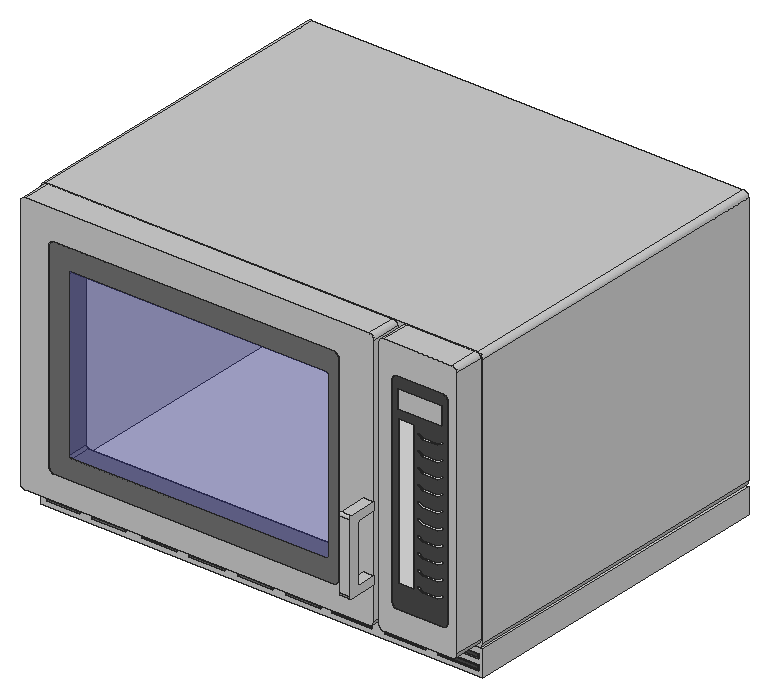
Revit family
Parameters (values of type "RFS12TS")
  Weight in Pounds = 64
  Watts = 1800 W
  Watermarked By = "http://revitwatermark.com"
  Volts = 120 V
  URL Manufacturer = ""
  URL Cutsheet = ""
  URL = "www.acpsolutions.com"
  Status [instance] = ""
  Specification by User [instance] = ""
  Specification by Manufacturer = ""
  Serial Number [instance] = ""
  Seismic Rating [instance] = ""
  SMACNA No [instance] = ""
  Revision Code [instance] = ""
  Phase = 1
  Number of Poles = 1
  NAFEM Spec ID Number = ""
  Model = "RFS12TS"
  Masterspec = ""
  Manufacturer = "Amana"
  Item Number [instance] = "-"
  Installed By [instance] = ""
  Furnished By [instance] = ""
  Foodservice Equipment Identifier [instance] = yes
  FL Amps = 15 A
  Electrical Remarks [instance] = ""
  Electric Connection Type [instance] = ""
  Elec Conn RI Height [instance] = 0' - 0"
  Elec Conn Connection Height = 0' - 11 3/4"
  Description = "Microwave Oven"
  Cycle = 60 Hz
  Conn Plug = "NEMA 5-20"
  CSI MasterFormat = "11 44 16"
  Assembly Code = "E1090320"
  Apparent Power = Volts * FL Amps  # 1800 VA
Types (3): name | Weight in Pounds | Watts | Watermarked By | Volts | Model | FL Amps | Conn Plug | Apparent Power
  (no name) | 64 | 1800 W | "BB" | 120 V | "RFS12TS" | 15 A | "NEMA 5-20" | 1800 VA
  RFS12TS | 64 | 1800 W | "http://revitwatermark.com" | 120 V | "RFS12TS" | 15 A | "NEMA 5-20" | 1800 VA
  RFS18TS | 67 | 2800 W | "" | 208 V | "RFS18TS" | 13.5 A | "NEMA 6-20" | 2808 VA
Reference planes (in)
  plane 1 "Center (Front/Back)": y = 0
  plane 2: z = 0
  plane 3 "Center (Left/Right)": x = 0
  plane 4 "Left": x = -10.875
  plane 5 "Right": x = 10.875
  plane 6 "Back": y = 9.625
  plane 7: z = 1.25
  plane 8 "Box Bottom": z = 1.25
  plane 9: z = 14.25
  plane 10 "Handle 2": x = 6.16075
  plane 11: z = 11.75
  plane 12: x = 8.375
  plane 13: y = 8.625
  plane 14 "Front of Box": y = -7.625
  plane 15 "Front": y = -9.125
  plane 16 "Handle": y = -10.625
  plane 17: x = -6.57422
  plane 18: x = 6.56641
  plane 19: x = -4.07422
  plane 20: x = 4.06641
  plane 21: z = 6.78125
  plane 22: z = 4.47266
  plane 23: z = 16.25
  plane 24: y = -24.34766
Forms (in)
  Extrusion 1, solid, material "QF_Finishes_Stainless Steel"
    sketch origin (0, 0, 0) x (1, 0, 0) y (0, 1, 0)
      loop
        line (-10.875, 8.625) -> (-10.875, -7.687) -> (10.875, -7.687) -> (10.875, 8.625) -> (-10.875, 8.625)
    from 0 to 1.25
  Extrusion 2, solid, material "QF_Finishes_Stainless Steel"
    sketch origin (0, 9.625, 0) x (1, 0, 0) y (0, 0, 1)
      loop
        arc (-10.625, 14.25) -> (-10.80178, 14.17678) -> (-10.875, 14) r 0.25
        line (-10.875, 14) -> (-10.875, 1.5)
        arc (-10.875, 1.5) -> (-10.80178, 1.32322) -> (-10.625, 1.25) r 0.25
        line (-10.625, 1.25) -> (10.625, 1.25)
        arc (10.625, 1.25) -> (10.80178, 1.32322) -> (10.875, 1.5) r 0.25
        line (10.875, 1.5) -> (10.875, 14)
        arc (10.875, 14) -> (10.80178, 14.17678) -> (10.625, 14.25) r 0.25
        line (10.625, 14.25) -> (-10.625, 14.25)
    from 1 to 17.312
  Extrusion 3, void
    sketch origin (0, 0, 1.25) x (-1, 0, 0) y (0, -1, 0)
      loop
        line (10.43656, -8.25) -> (10.43656, 8.875) -> (-4.91858, 8.875) -> (-4.91858, 7.40451) -> (-10.31344, 7.40451) -> (-10.31344, -8.25) -> (10.43656, -8.25)
    from 0.125 to 12
  Extrusion 4, solid, material "QF_Finishes_Stainless Steel"
    sketch origin (0, -8.875, 0) x (1, 0, 0) y (0, 0, 1)
      loop
        arc (-10.75, 1.625) -> (-10.67678, 1.44822) -> (-10.5, 1.375) r 0.25
        line (-10.5, 1.375) -> (6.40797, 1.375)
        arc (6.40797, 1.375) -> (6.58474, 1.44822) -> (6.65797, 1.625) r 0.25
        line (6.65797, 1.625) -> (6.65797, 14)
        arc (6.65797, 14) -> (6.58474, 14.17678) -> (6.40797, 14.25) r 0.25
        line (6.40797, 14.25) -> (-10.5, 14.25)
        arc (-10.5, 14.25) -> (-10.67678, 14.17678) -> (-10.75, 14) r 0.25
        line (-10.75, 14) -> (-10.75, 1.625)
      loop
        line (4.66858, 12.83394) -> (-9.08142, 12.83394)
        arc (-9.08142, 12.83394) -> (-9.25819, 12.76071) -> (-9.33142, 12.58394) r 0.25
        line (-9.33142, 12.58394) -> (-9.33142, 2.83394)
        arc (-9.33142, 2.83394) -> (-9.25819, 2.65716) -> (-9.08142, 2.58394) r 0.25
        line (-9.08142, 2.58394) -> (4.66858, 2.58394)
        arc (4.66858, 2.58394) -> (4.84536, 2.65716) -> (4.91858, 2.83394) r 0.25
        line (4.91858, 2.83394) -> (4.91858, 12.58394)
        arc (4.91858, 12.58394) -> (4.84536, 12.76071) -> (4.66858, 12.83394) r 0.25
    from -1.188 to 0.25
  Extrusion 5, solid, material "QF_Finishes_Stainless Steel"
    sketch origin (0, -8.125, 0) x (1, 0, 0) y (0, 0, 1)
      loop
        arc (7.14749, 14.25) -> (6.97072, 14.17678) -> (6.89749, 14) r 0.25
        line (6.89749, 14) -> (6.89749, 1.625)
        arc (6.89749, 1.625) -> (6.97072, 1.44822) -> (7.14749, 1.375) r 0.25
        line (7.14749, 1.375) -> (10.5, 1.375)
        arc (10.5, 1.375) -> (10.67678, 1.44822) -> (10.75, 1.625) r 0.25
        line (10.75, 1.625) -> (10.75, 14)
        arc (10.75, 14) -> (10.67678, 14.17678) -> (10.5, 14.25) r 0.25
        line (10.5, 14.25) -> (7.14749, 14.25)
      loop
        line (10.04925, 12.83394) -> (7.79428, 12.83394)
        arc (7.79428, 12.83394) -> (7.6175, 12.76071) -> (7.54428, 12.58394) r 0.25
        line (7.54428, 12.58394) -> (7.54428, 2.83394)
        arc (7.54428, 2.83394) -> (7.6175, 2.65716) -> (7.79428, 2.58394) r 0.25
        line (7.79428, 2.58394) -> (10.04925, 2.58394)
        arc (10.04925, 2.58394) -> (10.22602, 2.65716) -> (10.29925, 2.83394) r 0.25
        line (10.29925, 2.83394) -> (10.29925, 12.58394)
        arc (10.29925, 12.58394) -> (10.22602, 12.76071) -> (10.04925, 12.83394) r 0.25
    from -0.438 to 1
  Extrusion 6, solid, material "QF_Finishes_Stainless Steel"
    sketch origin (6.16075, 0.75, 0) x (0, 0, -1) y (0, -1, 0)
      loop
        line (-6.90138, 11.25) -> (-6.90138, 9.875) -> (-6.49353, 9.875) -> (-6.49353, 10.75292)
        arc (-6.49353, 10.75292) -> (-6.45692, 10.8413) -> (-6.36853, 10.87792) r 0.125
        line (-6.36853, 10.87792) -> (-3.7645, 10.87792)
        arc (-3.7645, 10.87792) -> (-3.67611, 10.8413) -> (-3.6395, 10.75292) r 0.125
        line (-3.6395, 10.75292) -> (-3.6395, 9.875) -> (-3.23165, 9.875) -> (-3.23165, 11.25)
        arc (-3.23165, 11.25) -> (-3.26826, 11.33839) -> (-3.35665, 11.375) r 0.125
        line (-3.35665, 11.375) -> (-6.77638, 11.375)
        arc (-6.77638, 11.375) -> (-6.86477, 11.33839) -> (-6.90138, 11.25) r 0.125
    from 0 to -0.49722
  Extrusion 7, void
    sketch origin (0, -8.125, 0) x (1, 0, 0) y (0, 0, 1)
      loop
        line (-10.59496, 0.988) -> (-10.59496, 0.238) -> (-8.99038, 0.238) -> (-8.99038, 0.988) -> (-10.59496, 0.988)
      loop
        line (-8.37588, 0.988) -> (-8.37588, 0.238) -> (-6.68602, 0.238) -> (-6.68602, 0.988) -> (-8.37588, 0.988)
      loop
        line (-5.92429, 0.988) -> (-5.92429, 0.238) -> (-4.21311, 0.238) -> (-4.21311, 0.988) -> (-5.92429, 0.988)
      loop
        line (-3.59861, 0.988) -> (-3.59861, 0.238) -> (-1.84861, 0.238) -> (-1.84861, 0.988) -> (-3.59861, 0.988)
      loop
        line (-1.17429, 0.988) -> (-1.17429, 0.238) -> (0.53689, 0.238) -> (0.53689, 0.988) -> (-1.17429, 0.988)
      loop
        line (1.15139, 0.988) -> (1.15139, 0.238) -> (2.90139, 0.238) -> (2.90139, 0.988) -> (1.15139, 0.988)
      loop
        line (3.4143, 0.988) -> (3.4143, 0.738) -> (5.4143, 0.738) -> (5.4143, 0.988) -> (3.4143, 0.988)
      loop
        line (3.4143, 0.48629) -> (3.4143, 0.238) -> (5.4143, 0.238) -> (5.4143, 0.48629) -> (3.4143, 0.48629)
      loop
        line (6.03089, 0.988) -> (6.03089, 0.738) -> (8.03089, 0.738) -> (8.03089, 0.988) -> (6.03089, 0.988)
      loop
        line (6.03089, 0.48629) -> (6.03089, 0.238) -> (8.03089, 0.238) -> (8.03089, 0.48629) -> (6.03089, 0.48629)
      loop
        line (8.6643, 0.988) -> (8.6643, 0.738) -> (10.6643, 0.738) -> (10.6643, 0.988) -> (8.6643, 0.988)
      loop
        line (8.6643, 0.48629) -> (8.6643, 0.238) -> (10.6643, 0.238) -> (10.6643, 0.48629) -> (8.6643, 0.48629)
    from -0.438 to -0.875
  Extrusion 8, solid, material "QF_Finishes_Dark Grey"
    sketch origin (0, -8.125, 0) x (1, 0, 0) y (0, 0, 1)
      loop
        line (-8.99038, 0.988) -> (-10.59496, 0.988) -> (-10.59496, 0.238) -> (-8.99038, 0.238) -> (-8.99038, 0.988)
      loop
        line (-6.68602, 0.988) -> (-8.37588, 0.988) -> (-8.37588, 0.238) -> (-6.68602, 0.238) -> (-6.68602, 0.988)
      loop
        line (-4.21311, 0.988) -> (-5.92429, 0.988) -> (-5.92429, 0.238) -> (-4.21311, 0.238) -> (-4.21311, 0.988)
      loop
        line (-3.59861, 0.238) -> (-1.84861, 0.238) -> (-1.84861, 0.988) -> (-3.59861, 0.988) -> (-3.59861, 0.238)
      loop
        line (-1.17429, 0.238) -> (0.53689, 0.238) -> (0.53689, 0.988) -> (-1.17429, 0.988) -> (-1.17429, 0.238)
      loop
        line (2.90139, 0.988) -> (1.15139, 0.988) -> (1.15139, 0.238) -> (2.90139, 0.238) -> (2.90139, 0.988)
      loop
        line (3.4143, 0.738) -> (5.4143, 0.738) -> (5.4143, 0.988) -> (3.4143, 0.988) -> (3.4143, 0.738)
      loop
        line (3.4143, 0.48629) -> (3.4143, 0.238) -> (5.4143, 0.238) -> (5.4143, 0.48629) -> (3.4143, 0.48629)
      loop
        line (8.03089, 0.988) -> (6.03089, 0.988) -> (6.03089, 0.738) -> (8.03089, 0.738) -> (8.03089, 0.988)
      loop
        line (8.03089, 0.48629) -> (6.03089, 0.48629) -> (6.03089, 0.238) -> (8.03089, 0.238) -> (8.03089, 0.48629)
      loop
        line (8.6643, 0.988) -> (8.6643, 0.738) -> (10.6643, 0.738) -> (10.6643, 0.988) -> (8.6643, 0.988)
      loop
        line (8.6643, 0.238) -> (10.6643, 0.238) -> (10.6643, 0.48629) -> (8.6643, 0.48629) -> (8.6643, 0.238)
      loop
        line (-9.05288, 0.9255) -> (-10.53246, 0.9255) -> (-10.53246, 0.3005) -> (-9.05288, 0.3005) -> (-9.05288, 0.9255)
      loop
        line (-6.74852, 0.9255) -> (-8.31338, 0.9255) -> (-8.31338, 0.3005) -> (-6.74852, 0.3005) -> (-6.74852, 0.9255)
      loop
        line (-5.86179, 0.9255) -> (-5.86179, 0.3005) -> (-4.27561, 0.3005) -> (-4.27561, 0.9255) -> (-5.86179, 0.9255)
      loop
        line (-3.53611, 0.9255) -> (-3.53611, 0.3005) -> (-1.91111, 0.3005) -> (-1.91111, 0.9255) -> (-3.53611, 0.9255)
      loop
        line (-1.11179, 0.9255) -> (-1.11179, 0.3005) -> (0.47439, 0.3005) -> (0.47439, 0.9255) -> (-1.11179, 0.9255)
      loop
        line (1.21389, 0.9255) -> (1.21389, 0.3005) -> (2.83889, 0.3005) -> (2.83889, 0.9255) -> (1.21389, 0.9255)
      loop
        line (3.4768, 0.9255) -> (3.4768, 0.8005) -> (5.3518, 0.8005) -> (5.3518, 0.9255) -> (3.4768, 0.9255)
      loop
        line (5.3518, 0.42379) -> (3.4768, 0.42379) -> (3.4768, 0.3005) -> (5.3518, 0.3005) -> (5.3518, 0.42379)
      loop
        line (6.09339, 0.8005) -> (7.96839, 0.8005) -> (7.96839, 0.9255) -> (6.09339, 0.9255) -> (6.09339, 0.8005)
      loop
        line (7.96839, 0.42379) -> (6.09339, 0.42379) -> (6.09339, 0.3005) -> (7.96839, 0.3005) -> (7.96839, 0.42379)
      loop
        line (8.7268, 0.8005) -> (10.6018, 0.8005) -> (10.6018, 0.9255) -> (8.7268, 0.9255) -> (8.7268, 0.8005)
      loop
        line (10.6018, 0.42379) -> (8.7268, 0.42379) -> (8.7268, 0.3005) -> (10.6018, 0.3005) -> (10.6018, 0.42379)
    from -0.72049 to -0.438
  Extrusion 9, solid, material "QF_Finishes_Dark Grey"
    sketch origin (0, -8.125, 0) x (1, 0, 0) y (0, 0, 1)
      loop
        line (-9.33142, 12.58394) -> (-9.33142, 2.83394)
        arc (-9.33142, 2.83394) -> (-9.25819, 2.65716) -> (-9.08142, 2.58394) r 0.25
        line (-9.08142, 2.58394) -> (4.66858, 2.58394)
        arc (4.66858, 2.58394) -> (4.84536, 2.65716) -> (4.91858, 2.83394) r 0.25
        line (4.91858, 2.83394) -> (4.91858, 12.58394)
        arc (4.91858, 12.58394) -> (4.84536, 12.76071) -> (4.66858, 12.83394) r 0.25
        line (4.66858, 12.83394) -> (-9.08142, 12.83394)
        arc (-9.08142, 12.83394) -> (-9.25819, 12.76071) -> (-9.33142, 12.58394) r 0.25
      loop
        arc (-8.33142, 3.70894) -> (-8.29481, 3.62055) -> (-8.20642, 3.58394) r 0.125
        line (-8.20642, 3.58394) -> (4.29358, 3.58394)
        arc (4.29358, 3.58394) -> (4.38197, 3.62055) -> (4.41858, 3.70894) r 0.125
        line (4.41858, 3.70894) -> (4.41858, 11.70894)
        arc (4.41858, 11.70894) -> (4.38197, 11.79733) -> (4.29358, 11.83394) r 0.125
        line (4.29358, 11.83394) -> (-8.20642, 11.83394)
        arc (-8.20642, 11.83394) -> (-8.29481, 11.79733) -> (-8.33142, 11.70894) r 0.125
        line (-8.33142, 11.70894) -> (-8.33142, 3.70894)
    from 0 to 1
  Extrusion 10, solid, material "QF_Finishes_Glass"
    sketch origin (0, -8.125, 0) x (1, 0, 0) y (0, 0, 1)
      loop
        arc (-8.33142, 3.70894) -> (-8.29481, 3.62055) -> (-8.20642, 3.58394) r 0.125
        line (-8.20642, 3.58394) -> (4.29358, 3.58394)
        arc (4.29358, 3.58394) -> (4.38197, 3.62055) -> (4.41858, 3.70894) r 0.125
        line (4.41858, 3.70894) -> (4.41858, 11.70894)
        arc (4.41858, 11.70894) -> (4.38197, 11.79733) -> (4.29358, 11.83394) r 0.125
        line (4.29358, 11.83394) -> (-8.20642, 11.83394)
        arc (-8.20642, 11.83394) -> (-8.29481, 11.79733) -> (-8.33142, 11.70894) r 0.125
        line (-8.33142, 11.70894) -> (-8.33142, 3.70894)
    from 0 to 1
  Extrusion 11, solid, material "QF_Finishes_Black"
    sketch origin (0, -8.125, 0) x (1, 0, 0) y (0, 0, 1)
      loop
        line (-10.53246, 0.9255) -> (-10.53246, 0.3005) -> (-9.07045, 0.3005) -> (-9.07045, 0.9255) -> (-10.53246, 0.9255)
      loop
        line (-8.31338, 0.9255) -> (-8.31338, 0.3005) -> (-6.74852, 0.3005) -> (-6.74852, 0.9255) -> (-8.31338, 0.9255)
      loop
        line (-5.86179, 0.9255) -> (-5.86179, 0.3005) -> (-4.27561, 0.3005) -> (-4.27561, 0.9255) -> (-5.86179, 0.9255)
      loop
        line (-3.53611, 0.9255) -> (-3.53611, 0.3005) -> (-1.91111, 0.3005) -> (-1.91111, 0.9255) -> (-3.53611, 0.9255)
      loop
        line (-1.11179, 0.9255) -> (-1.11179, 0.3005) -> (0.47439, 0.3005) -> (0.47439, 0.9255) -> (-1.11179, 0.9255)
      loop
        line (1.21389, 0.9255) -> (1.21389, 0.3005) -> (2.83889, 0.3005) -> (2.83889, 0.9255) -> (1.21389, 0.9255)
      loop
        line (3.4768, 0.9255) -> (3.4768, 0.8005) -> (5.3518, 0.8005) -> (5.3518, 0.9255) -> (3.4768, 0.9255)
      loop
        line (3.4768, 0.42379) -> (3.4768, 0.3005) -> (5.3518, 0.3005) -> (5.3518, 0.42379) -> (3.4768, 0.42379)
      loop
        line (6.09339, 0.9255) -> (6.09339, 0.8005) -> (7.96839, 0.8005) -> (7.96839, 0.9255) -> (6.09339, 0.9255)
      loop
        line (6.09339, 0.42379) -> (6.09339, 0.3005) -> (7.96839, 0.3005) -> (7.96839, 0.42379) -> (6.09339, 0.42379)
      loop
        line (8.7268, 0.9255) -> (8.7268, 0.8005) -> (10.6018, 0.8005) -> (10.6018, 0.9255) -> (8.7268, 0.9255)
      loop
        line (8.7268, 0.42379) -> (8.7268, 0.3005) -> (10.6018, 0.3005) -> (10.6018, 0.42379) -> (8.7268, 0.42379)
    from -0.438 to -0.72049
  Extrusion 12, solid
    sketch origin (0, 9.625, 0) x (1, 0, 0) y (0, 0, 1)
      loop
        line (6.56641, 6.78125) -> (4.06641, 6.78125) -> (4.06641, 4.47266) -> (6.56641, 4.47266) -> (6.56641, 6.78125)
      loop
        line (-4.07422, 6.78125) -> (-6.57422, 6.78125) -> (-6.57422, 4.47266) -> (-4.07422, 4.47266) -> (-4.07422, 6.78125)
    from 0 to 1
  Extrusion 13, solid, material "QF_Finishes_Black"
    sketch origin (-0.0029, -7.875, -0.00566) x (1, 0, 0) y (0, 0, 1)
      loop
        arc (7.79428, 12.83394) -> (7.6175, 12.76071) -> (7.54428, 12.58394) r 0.25
        line (7.54428, 12.58394) -> (7.54428, 2.83394)
        arc (7.54428, 2.83394) -> (7.6175, 2.65716) -> (7.79428, 2.58394) r 0.25
        line (7.79428, 2.58394) -> (10.04925, 2.58394)
        arc (10.04925, 2.58394) -> (10.22602, 2.65716) -> (10.29925, 2.83394) r 0.25
        line (10.29925, 2.83394) -> (10.29925, 12.58394)
        arc (10.29925, 12.58394) -> (10.22602, 12.76071) -> (10.04925, 12.83394) r 0.25
        line (10.04925, 12.83394) -> (7.79428, 12.83394)
      loop
        line (7.85481, 10.95724) -> (7.85481, 3.73821) -> (8.60481, 3.73821) -> (8.60481, 10.95724) -> (7.85481, 10.95724)
      loop
        line (9.78596, 10.48821) -> (10.03301, 10.62712) -> (10.03301, 10.66368) -> (9.97051, 10.66368) -> (9.76959, 10.55071) -> (9.06161, 10.55071) -> (8.85787, 10.66422) -> (8.79537, 10.66422) -> (8.79537, 10.62749) -> (9.04537, 10.48821) -> (9.78596, 10.48821)
      loop
        line (7.82152, 12.29414) -> (7.82152, 11.42107) -> (10.00945, 11.42107) -> (10.00945, 12.29414) -> (7.82152, 12.29414)
      loop
        line (9.78596, 9.73821) -> (10.03301, 9.87712) -> (10.03301, 9.91368) -> (9.97051, 9.91368) -> (9.76959, 9.80071) -> (9.06161, 9.80071) -> (8.85787, 9.91422) -> (8.79537, 9.91422) -> (8.79537, 9.87749) -> (9.04537, 9.73821) -> (9.78596, 9.73821)
      loop
        line (9.78596, 8.98821) -> (10.03301, 9.12712) -> (10.03301, 9.16368) -> (9.97051, 9.16368) -> (9.76959, 9.05071) -> (9.06161, 9.05071) -> (8.85787, 9.16422) -> (8.79537, 9.16422) -> (8.79537, 9.12749) -> (9.04537, 8.98821) -> (9.78596, 8.98821)
      loop
        line (9.78596, 8.23821) -> (10.03301, 8.37712) -> (10.03301, 8.41368) -> (9.97051, 8.41368) -> (9.76959, 8.30071) -> (9.06161, 8.30071) -> (8.85787, 8.41422) -> (8.79537, 8.41422) -> (8.79537, 8.37749) -> (9.04537, 8.23821) -> (9.78596, 8.23821)
      loop
        line (9.78596, 7.48277) -> (10.03301, 7.62168) -> (10.03301, 7.65824) -> (9.97051, 7.65824) -> (9.76959, 7.54527) -> (9.06161, 7.54527) -> (8.85787, 7.65878) -> (8.79537, 7.65878) -> (8.79537, 7.62206) -> (9.04537, 7.48277) -> (9.78596, 7.48277)
      loop
        line (9.78596, 6.73277) -> (10.03301, 6.87168) -> (10.03301, 6.90824) -> (9.97051, 6.90824) -> (9.76959, 6.79527) -> (9.06161, 6.79527) -> (8.85787, 6.90878) -> (8.79537, 6.90878) -> (8.79537, 6.87206) -> (9.04537, 6.73277) -> (9.78596, 6.73277)
      loop
        line (9.78596, 5.98277) -> (10.03301, 6.12168) -> (10.03301, 6.15824) -> (9.97051, 6.15824) -> (9.76959, 6.04527) -> (9.06161, 6.04527) -> (8.85787, 6.15878) -> (8.79537, 6.15878) -> (8.79537, 6.12206) -> (9.04537, 5.98277) -> (9.78596, 5.98277)
      loop
        line (9.78596, 5.23277) -> (10.03301, 5.37168) -> (10.03301, 5.40824) -> (9.97051, 5.40824) -> (9.76959, 5.29527) -> (9.06161, 5.29527) -> (8.85787, 5.40878) -> (8.79537, 5.40878) -> (8.79537, 5.37206) -> (9.04537, 5.23277) -> (9.78596, 5.23277)
      loop
        line (9.78596, 4.48277) -> (10.03301, 4.62168) -> (10.03301, 4.65824) -> (9.97051, 4.65824) -> (9.76959, 4.54527) -> (9.06161, 4.54527) -> (8.85787, 4.65878) -> (8.79537, 4.65878) -> (8.79537, 4.62206) -> (9.04537, 4.48277) -> (9.78596, 4.48277)
      loop
        line (9.78596, 3.73277) -> (10.03301, 3.87168) -> (10.03301, 3.90824) -> (9.97051, 3.90824) -> (9.76959, 3.79527) -> (9.06161, 3.79527) -> (8.85787, 3.90878) -> (8.79537, 3.90878) -> (8.79537, 3.87206) -> (9.04537, 3.73277) -> (9.78596, 3.73277)
    from 0.78279 to 1.25
  Extrusion 14, solid, material "QF_Finishes_Stainless Steel"
    sketch origin (-0.0029, -7.875, -0.00566) x (1, 0, 0) y (0, 0, 1)
      loop
        line (7.82152, 12.29414) -> (7.82152, 11.42107) -> (10.00945, 11.42107) -> (10.00945, 12.29414) -> (7.82152, 12.29414)
    from 0.78279 to 1.25
  Extrusion 15, solid, material "QF_Finishes_White"
    sketch origin (-0.0029, -7.875, -0.00566) x (1, 0, 0) y (0, 0, 1)
      loop
        line (8.85787, 10.66422) -> (8.79537, 10.66422) -> (8.79537, 10.62749) -> (9.04537, 10.48821) -> (9.78596, 10.48821) -> (10.03301, 10.62712) -> (10.03301, 10.66368) -> (9.97051, 10.66368) -> (9.76959, 10.55071) -> (9.06161, 10.55071) -> (8.85787, 10.66422)
      loop
        line (8.85787, 9.91422) -> (8.79537, 9.91422) -> (8.79537, 9.87749) -> (9.04537, 9.73821) -> (9.78596, 9.73821) -> (10.03301, 9.87712) -> (10.03301, 9.91368) -> (9.97051, 9.91368) -> (9.76959, 9.80071) -> (9.06161, 9.80071) -> (8.85787, 9.91422)
      loop
        line (8.85787, 9.16422) -> (8.79537, 9.16422) -> (8.79537, 9.12749) -> (9.04537, 8.98821) -> (9.78596, 8.98821) -> (10.03301, 9.12712) -> (10.03301, 9.16368) -> (9.97051, 9.16368) -> (9.76959, 9.05071) -> (9.06161, 9.05071) -> (8.85787, 9.16422)
      loop
        line (8.85787, 8.41422) -> (8.79537, 8.41422) -> (8.79537, 8.37749) -> (9.04537, 8.23821) -> (9.78596, 8.23821) -> (10.03301, 8.37712) -> (10.03301, 8.41368) -> (9.97051, 8.41368) -> (9.76959, 8.30071) -> (9.06161, 8.30071) -> (8.85787, 8.41422)
      loop
        line (8.85787, 7.65878) -> (8.79537, 7.65878) -> (8.79537, 7.62206) -> (9.04537, 7.48277) -> (9.78596, 7.48277) -> (10.03301, 7.62168) -> (10.03301, 7.65824) -> (9.97051, 7.65824) -> (9.76959, 7.54527) -> (9.06161, 7.54527) -> (8.85787, 7.65878)
      loop
        line (8.85787, 6.90878) -> (8.79537, 6.90878) -> (8.79537, 6.87206) -> (9.04537, 6.73277) -> (9.78596, 6.73277) -> (10.03301, 6.87168) -> (10.03301, 6.90824) -> (9.97051, 6.90824) -> (9.76959, 6.79527) -> (9.06161, 6.79527) -> (8.85787, 6.90878)
      loop
        line (8.85787, 6.15878) -> (8.79537, 6.15878) -> (8.79537, 6.12206) -> (9.04537, 5.98277) -> (9.78596, 5.98277) -> (10.03301, 6.12168) -> (10.03301, 6.15824) -> (9.97051, 6.15824) -> (9.76959, 6.04527) -> (9.06161, 6.04527) -> (8.85787, 6.15878)
      loop
        line (8.85787, 5.40878) -> (8.79537, 5.40878) -> (8.79537, 5.37206) -> (9.04537, 5.23277) -> (9.78596, 5.23277) -> (10.03301, 5.37168) -> (10.03301, 5.40824) -> (9.97051, 5.40824) -> (9.76959, 5.29527) -> (9.06161, 5.29527) -> (8.85787, 5.40878)
      loop
        line (8.85787, 4.65878) -> (8.79537, 4.65878) -> (8.79537, 4.62206) -> (9.04537, 4.48277) -> (9.78596, 4.48277) -> (10.03301, 4.62168) -> (10.03301, 4.65824) -> (9.97051, 4.65824) -> (9.76959, 4.54527) -> (9.06161, 4.54527) -> (8.85787, 4.65878)
      loop
        line (8.85787, 3.90878) -> (8.79537, 3.90878) -> (8.79537, 3.87206) -> (9.04537, 3.73277) -> (9.78596, 3.73277) -> (10.03301, 3.87168) -> (10.03301, 3.90824) -> (9.97051, 3.90824) -> (9.76959, 3.79527) -> (9.06161, 3.79527) -> (8.85787, 3.90878)
    from 0.78279 to 1.25
  Extrusion 16, solid, material "QF_Finishes_White"
    sketch origin (-0.0029, -7.875, -0.00566) x (1, 0, 0) y (0, 0, 1)
      loop
        line (7.85481, 10.95724) -> (7.85481, 3.73821) -> (8.60481, 3.73821) -> (8.60481, 10.95724) -> (7.85481, 10.95724)
    from 0.78279 to 1.25
  Extrusion 17, void
    sketch origin (-0.0029, 7.875, -0.00566) x (1, 0, 0) y (0, 0, 1)
      loop
        line (9.09601, 12.38839) -> (7.66008, 12.38839) -> (7.66008, 11.11597) -> (9.09601, 11.11597) -> (9.09601, 12.38839)
    from -0.75 to -0.55859
Cuts and joins
  Extrusion 3, Extrusion 7 cuts Extrusion 1
  Extrusion 3, Extrusion 17 cuts Extrusion 2
Lines and regions (in)
  symbolic lines, style "QF_Clearance"
    curve 1: line (6.16075, 11.18359, 0) -> (6.16075, 11.18359, 16.25)
    curve 2: line (6.16075, 11.18359, 16.25) -> (6.16075, -9.125, 16.25)
    curve 3: line (-12.875, -8.125, 0) -> (-12.875, -8.125, 16.25)
    curve 4: line (-12.875, -8.125, 16.25) -> (12.875, -8.125, 16.25)
    curve 5: line (12.875, -8.125, 16.25) -> (12.875, -8.125, 0)
    curve 6: line (-12.875, -9.125, 1.25) -> (-12.875, 11.18359, 1.25)
    curve 7: line (-12.875, 11.18359, 1.25) -> (12.875, 11.18359, 1.25)
    curve 8: line (12.875, 11.18359, 1.25) -> (12.875, -9.125, 1.25)
    curve 30: line (-10.75, -9.125, 1.25) -> (-10.75, -24.34766, 1.25)
    curve 31: arc (-10.75, -24.34766, 1.25) -> (0.93797, -20.14868, 1.25) -> (6.65797, -9.125, 1.25) r 17.01291
  symbolic lines
    curve 9: line (-10.875, 8.625, 1.25) -> (-6.57422, 8.625, 1.25)
    curve 10: line (-6.57422, 8.625, 1.25) -> (-6.57422, 9.625, 1.25)
    curve 11: line (-6.57422, 9.625, 1.25) -> (-4.07422, 9.625, 1.25)
    curve 12: line (-4.07422, 9.625, 1.25) -> (-4.07422, 8.625, 1.25)
    curve 13: line (-4.07422, 8.625, 1.25) -> (4.06641, 8.625, 1.25)
    curve 14: line (4.06641, 8.625, 1.25) -> (4.06641, 9.625, 1.25)
    curve 15: line (4.06641, 9.625, 1.25) -> (6.56641, 9.625, 1.25)
    curve 16: line (6.56641, 9.625, 1.25) -> (6.56641, 8.625, 1.25)
    curve 17: line (6.56641, 8.625, 1.25) -> (10.875, 8.625, 1.25)
    curve 18: line (10.875, 8.625, 1.25) -> (10.875, -7.687, 1.25)
    curve 19: line (10.875, -7.687, 1.25) -> (10.75, -7.687, 1.25)
    curve 20: line (10.75, -7.687, 1.25) -> (10.75, -9.125, 1.25)
    curve 21: line (10.75, -9.125, 1.25) -> (6.65797, -9.125, 1.25)
    curve 22: line (6.65797, -9.125, 1.25) -> (6.65797, -10.625, 1.25)
    curve 23: line (6.65797, -10.625, 1.25) -> (6.16075, -10.625, 1.25)
    curve 24: line (6.16075, -10.625, 1.25) -> (6.16075, -9.125, 1.25)
    curve 25: line (6.16075, -9.125, 1.25) -> (-10.75, -9.125, 1.25)
    curve 26: line (-10.75, -9.125, 1.25) -> (-10.75, -7.687, 1.25)
    curve 27: line (-10.75, -7.687, 1.25) -> (-10.875, -7.687, 1.25)
    curve 28: line (-10.875, -7.687, 1.25) -> (-10.875, 8.625, 1.25)
    curve 29: line (-10.75, -7.687, 1.25) -> (10.75, -7.687, 1.25)
Dimensions and locks (in)
  aligned and locked: level to plane 2
  aligned and locked: Extrusion 1 sketch curve to plane 5 "Right"
  aligned: plane 6 "Back" to Extrusion 1 sketch curve
  aligned and locked: plane 4 "Left" to Extrusion 1 sketch curve
  aligned and locked: plane 7 to Extrusion 1
  aligned and locked: plane 5 "Right" to Extrusion 1
  aligned and locked: Extrusion 1 to plane 4 "Left"
  aligned and locked: Extrusion 1 to level
  aligned and locked: plane 8 "Box Bottom" to Extrusion 1
  aligned: Extrusion 2 to plane 6 "Back"
  aligned and locked: Extrusion 2 to plane 4 "Left"
  aligned and locked: plane 5 "Right" to Extrusion 2
  aligned and locked: plane 9 to Extrusion 2
  aligned and locked: Extrusion 2 to plane 7
Connectors (in)
  electrical at (13.57195, 8.45608, 11.75484)
    settings: on cut or joined group of Extrusion 2, Extrusion 3, Extrusion 17, index 1, voltage 0 V, apparent load 0 VA, apparent load phase1 0 VA, apparent load phase2 0 VA, apparent load phase3 0 VA, power factor 1, load classification "Other", number of poles 1, system type 31, power factor state 1, is connector primary yes, connector utility no, sub classification motor no, connector description ""
